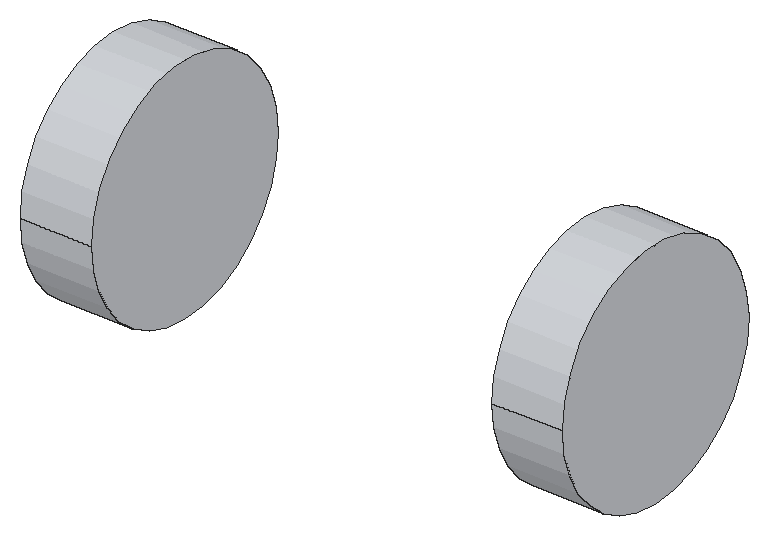
Revit family "ACM 150", category Mechanical Equipment, Revit 2013
Parameters (values of type "ACM 150")
  Width = "200mm"
  Weight = "2.6kg"
  Warranty period = "Unit 2 Years"
  Spigot Diameter = "147mm"
  Spigot Depth = "n/a"
  Product Description = "ACM 150"
  Part Number = "17106010"
  Operational and Maintenance Manual = "http://www.vent-axia.com/files/pdf-downloads/439305.pdf"
  Operating Temperature = "(-5C to +40C)"
  Operating Humidity = "n/a"
  Motor Rating = "48 Watts (max)"
  Manufacturer - Website = "www.vent-axia.com"
  Manufacturer - Name = "Vent-Axia Ltd"
  Manufacturer - Email = "sales@vent-axia.com"
  Manufacturer - Contact Phone = "0844 856 0590"
  Manufacturer - Address = "Fleming Way, Crawley, West Sussex RH10 9YX"
  IP Rating = "IP44"
  Height = "256mm\r\n220mm"
  Grille Depth = "n/a"
  Depth = "350mm"
  Country of Manufacture = "UK"
  Category = "ACM"
  AC Voltage Input = "220-240 V AC (single phase)"
  AC Frequency Input = "50Hz nominal"
Reference planes
  plane 1 "Center (Front/Back)": y = 0
  plane 2: z = 0
  plane 3 "Center (Left/Right)": x = 0
  plane 4: y = -60.875
  plane 5: x = 175
  plane 6: x = -175
  plane 7: y = 100
  plane 8: y = -100
  plane 9: z = 138
  plane 10: z = -118
  plane 11: z = 75.25
  plane 12: z = -74.75
Forms (mm)
  Extrusion 1, solid
    sketch origin (0, 0, 0.625) x (0, 1, 0) y (0, 0, 1)
      loop
        circle (0, 0) r 75
    from 129.717 to 175
  Extrusion 2, solid
    sketch origin (-303.75, 0, 0.625) x (0, 1, 0) y (0, 0, 1)
      loop
        circle (0, 0) r 75
    from 128.75 to 175
  Extrusion 3, solid, detail levels coarse+medium
    sketch origin (0, 0, 0) x (1, 0, 0) y (0, 1, 0)
      loop
        line (-187.453, 109.369) -> (-187.453, -115.631) -> (182.547, -115.631) -> (182.547, 109.369) -> (-187.453, 109.369)
    from -129.153 to 150.739
Dimensions and locks
  plane 9 to plane 10 = 256 mm  (x2)
  plane 11 to plane 12 = 150 mm
  plane 5 to plane 6 = 350 mm
  plane 7 to plane 8 = 200 mm
Connectors
  hvac at (175, 0, 0.625)
    settings: on Extrusion 1, index 1, duct flow 0.0 L/s, flow factor 0, pres drop 0.0 Pa, loss coef 0, conn angle 0.00°, conn width 304.8 mm, conn height 304.8 mm, conn radius 75 mm, duct sys type 2, conn prof type 0, flow config 0, flow direction 2, loss method 0, conn ref index -1, conn util no, is conn primary yes, conn desc ""
  hvac at (-175, 0, 0.625)
    settings: on Extrusion 2, index 2, duct flow 0.0 L/s, flow factor 0, pres drop 0.0 Pa, loss coef 0, conn angle 0.00°, conn width 304.8 mm, conn height 304.8 mm, conn radius 75 mm, duct sys type 2, conn prof type 0, flow config 0, flow direction 2, loss method 0, conn ref index -1, conn util no, is conn primary no, conn desc ""
